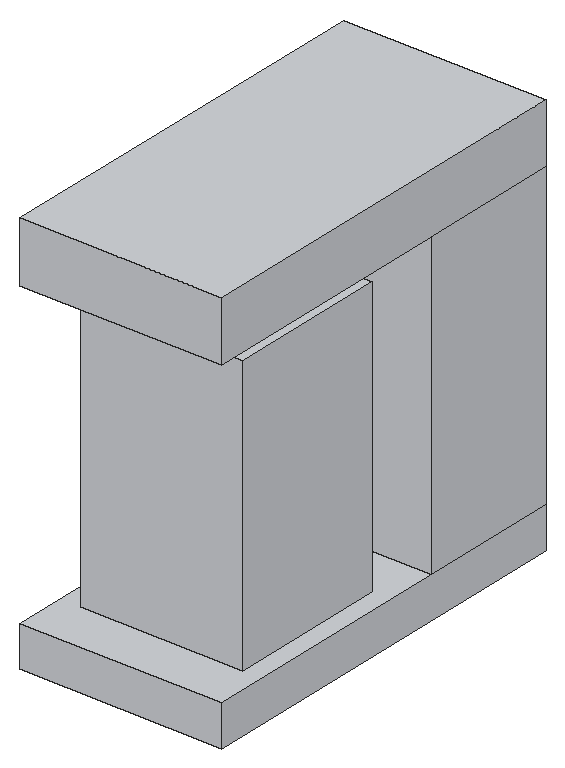
Revit family "kaffeemaschine_mit_kanne_angepasst", category Möbel, Revit 2021
Family settings
  Arbeitsebenenbasiert = Nein
  Immer vertikal = Ja
  Beim Laden mit Abzugskörper schneiden = Nein
  Gemeinsam genutzt = Nein
  Raumberechnungspunkt = Nein
Parameters (values of type "Kaffeemaschine mini")
  vorne_Freiraum [instance] = 260 mm
  Vorgabe-Ansicht = 0 mm
  Tiefe = 400 mm
  Kanne sichtbar = yes
  Höhe_Zwischenraum = 300 mm
  Höhe2_unten = 40 mm
  Höhe2_oben [instance] = 60 mm
  Höhe = 400 mm
  Breite = 200 mm
  B2_hinten = 140 mm
Types (5, lengths in mm): name | vorne_Freiraum | Tiefe | Kanne sichtbar | Höhe_Zwischenraum | Höhe2_unten | Höhe2_oben | Höhe | Breite
  (no name) | 260 | 400 | yes | 300 | 40 | 60 | 400 | 200
  Kaffeemaschine klein | 260 | 400 | yes | 330 | 40 | 60 | 400 | 200
  Kaffeemaschine gross | 310 | 450 | yes | 410 | 50 | 60 | 500 | 250
  Kaffeemaschine mini | 260 | 400 | yes | 300 | 40 | 60 | 400 | 200
  Kaffeemaschine gross ohne Kanne | 310 | 450 | no | 410 | 50 | 40 | 500 | 250
Reference planes
  plane 1 "Mitte (Vorne/hinten)": y = 0
  plane 2: z = 0
  plane 3 "Mitte (Links/rechts)": x = 0
  plane 4 "links": x = -100
  plane 5 "rechts": x = 100
  plane 6 "vorne": y = -400
  plane 7 "oben": z = 400
  plane 8: z = 340
  plane 9: z = 40
  plane 10: y = -140
  plane 11: y = -270
Forms (mm)
  Extrusion 1, solid
    sketch origin (0, 0, 0) x (1, 0, 0) y (0, 1, 0)
      loop
        line (-100, 0) -> (-100, -400) -> (100, -400) -> (100, 0) -> (-100, 0)
    from 0 to 40
  Extrusion 2, solid
    sketch origin (0, 0, 300) x (1, 0, 0) y (0, 1, 0)
      loop
        line (-100, 0) -> (-100, -400) -> (100, -400) -> (100, 0) -> (-100, 0)
    from 40 to 100
  Extrusion 3, solid
    sketch origin (0, 0, 0) x (1, 0, 0) y (0, 1, 0)
      loop
        line (-100, 0) -> (-100, -140) -> (100, -140) -> (100, 0) -> (-100, 0)
    from 40 to 340
Dimensions and locks
  "Breite": plane 4 "links" to plane 5 "rechts"
  "Höhe": plane 7 "oben" to plane 2
  equal spacing: plane 4 "links", plane 3 "Mitte (Links/rechts)", plane 5 "rechts"
  "Tiefe": plane 1 "Mitte (Vorne/hinten)" to plane 6 "vorne"
  "Höhe2_unten": plane 9 to plane 2
  "Höhe_Zwischenraum": plane 8 to plane 9
  "B2_hinten": plane 10 to plane 1 "Mitte (Vorne/hinten)"
  "vorne_Freiraum": plane 10 to plane 6 "vorne"
  equal spacing: plane 10, plane 11, plane 6 "vorne"
  "Höhe2_oben": plane 7 "oben" to plane 8
  aligned and locked: level to plane 2
  aligned and locked: plane 4 "links" to Extrusion 1 sketch curve
  aligned and locked: Extrusion 1 sketch curve to plane 5 "rechts"
  aligned and locked: plane 1 "Mitte (Vorne/hinten)" to Extrusion 1 sketch curve
  aligned and locked: plane 6 "vorne" to Extrusion 1 sketch curve
  aligned and locked: plane 9 to Extrusion 1
  aligned and locked: plane 7 "oben" to Extrusion 2
  aligned and locked: Extrusion 2 to plane 8
  aligned and locked: Extrusion 3 to plane 4 "links"
  aligned and locked: plane 5 "rechts" to Extrusion 3
  aligned and locked: Extrusion 3 to plane 10
  aligned and locked: Extrusion 3 to plane 1 "Mitte (Vorne/hinten)"
  aligned and locked: plane 8 to Extrusion 3
  aligned and locked: Extrusion 3 to plane 9
  aligned and locked: plane 3 "Mitte (Links/rechts)" to nested 1
  aligned and locked: nested 1 to plane 11
  aligned and locked: nested 1 to plane 9
Automatic sketch dimensions
  Extrusion 2 sketch curve to plane 4 "links" = 0 mm
  Extrusion 2 sketch curve to plane 5 "rechts" = 0 mm
  Extrusion 2 sketch curve to plane 6 "vorne" = 0 mm
  plane 1 "Mitte (Vorne/hinten)" to Extrusion 2 sketch curve = 0 mm
  plane 4 "links" to Extrusion 3 sketch curve = 0 mm
  Extrusion 3 sketch curve to plane 5 "rechts" = 0 mm
  plane 10 to Extrusion 3 sketch curve = 0 mm
  plane 1 "Mitte (Vorne/hinten)" to Extrusion 3 sketch curve = 0 mm
Nested families
  nested 1: "kanne" at (0, -270, 40), Höhe <- "Höhe_Zwischenraum", visible <- "Kanne sichtbar", type "Kanne 1"
    with Höhe 300 mm
Definition of nested family "kanne"
  Parameters (values of type "Kanne 1")
    Default Elevation = 0 mm
    Tiefe = 200 mm
    Höhe [instance] = 220 mm
    Breite = 200 mm
    Abstand oben = 25 mm
    Abstand nach innen = 20 mm
  Reference planes
    plane 1 "Mitte (Vorne/hinten)": y = 0
    plane 2: z = 0
    plane 3 "Mitte (Links/rechts)": x = 0
    plane 4 "links": x = -100
    plane 5 "rechts": x = 100
    plane 6 "hinten": y = 100
    plane 7 "vorne": y = -100
    plane 8 "oben": z = 220
    plane 9: x = -80
    plane 10: x = 80
    plane 11: y = 80
    plane 12: y = -80
    plane 13: z = 195
  Forms (mm)
    Extrusion 1, solid
      sketch origin (0, 0, 0) x (1, 0, 0) y (0, 1, 0)
        loop
          line (-80, 80) -> (-80, -80) -> (80, -80) -> (80, 80) -> (-80, 80)
      from 0 to 195
  Dimensions and locks
    "Breite": plane 4 "links" to plane 5 "rechts"
    "Tiefe": plane 6 "hinten" to plane 7 "vorne"
    "Höhe": plane 8 "oben" to plane 2
    equal spacing: plane 4 "links", plane 3 "Mitte (Links/rechts)", plane 5 "rechts"
    equal spacing: plane 6 "hinten", plane 1 "Mitte (Vorne/hinten)", plane 7 "vorne"
    "Abstand nach innen": plane 6 "hinten" to plane 11
    "Abstand nach innen": plane 12 to plane 7 "vorne"
    "Abstand nach innen": plane 10 to plane 5 "rechts"
    "Abstand nach innen": plane 4 "links" to plane 9
    "Abstand oben": plane 8 "oben" to plane 13
    aligned and locked: level to plane 2
    aligned and locked: plane 11 to Extrusion 1
    aligned and locked: Extrusion 1 to plane 9
    aligned and locked: plane 10 to Extrusion 1
    aligned and locked: Extrusion 1 to plane 12
    aligned and locked: plane 13 to Extrusion 1
    aligned and locked: Extrusion 1 to level
  Automatic sketch dimensions
    plane 9 to Extrusion 1 sketch curve = 0 mm
    Extrusion 1 sketch curve to plane 10 = 0 mm
    Extrusion 1 sketch curve to plane 12 = 0 mm
    Extrusion 1 sketch curve to plane 11 = 0 mm
